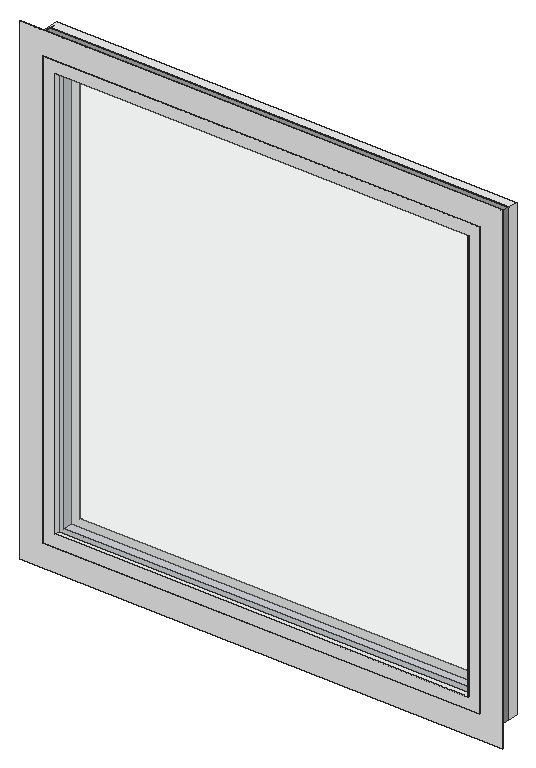
Revit family "Edge_TB42_B_Top_Hung_Custom", category Windows, host Wall, Revit 2014
Parameters (values of type "Casement_Sash_DG")
  Width Sash [instance] = 30 mm
  Width Sash Inner = 15 mm
  Width Bead = 15 mm
  Top Hung [instance] = yes
  Thermal Break Material = Rubber, Black
  Thermal Break Length = 16 mm
  Side Hung Right [instance] = yes
  Side Hung Left [instance] = yes
  Sash Opening Width [instance] = 600 mm
  Sash Opening Height [instance] = 600 mm
  Sash Lip = 15 mm
  Sash Leg [instance] = (Depth Sash - Thermal Break Length) / 2  # 13 mm
  SG Bead Leg = 6.683 mm
  Glazing Material [instance] = Glass
  Glazing Offset = 5 mm
  DG Start Piece 2 [instance] = DG End Piece 1 + DG Gasket Thickness  # 24.158 mm
  DG Start Peice 1 [instance] = ((Depth Sash - (2 * DG Glazing Thickness) - DG Gasket Thickness) / 2) - (SG Bead Leg - Aluminium Thickness) / 2  # 5.758 mm
  DG Glazing Thickness [instance] = 6.4 mm
  DG Gasket Thickness = 12 mm  # constant formula
  DG Gasket Material [instance] = none
  Depth Sash [instance] = 42 mm
  DG End Piece 2 [instance] = DG Start Piece 2 + DG Glazing Thickness  # 30.558 mm
  DG End Piece 1 [instance] = DG Start Peice 1 + DG Glazing Thickness  # 12.158 mm
  Center Vertical Sash [instance] = Sash Opening Height / 2  # 300 mm
  Center Horizontal Sash [instance] = Sash Opening Width / 2  # 300 mm
  Bottom Hung [instance] = yes
  Bead Offset = 15 mm
  Aluminium Thickness = 1 mm
  Aluminium Material [instance] = White Powder Coated Aluminium
Reference planes
  plane 1 "Center (Front/Back)": y = 0
  plane 2: z = 0
  plane 3 "Center (Left/Right)": x = 0
Forms (mm)
  Sweep 1, solid, material "White Powder Coated Aluminium" <- "Aluminium Material"
    path origin (16.177, 0, 121.331) x (1, 0, 0) y (0, 0, 1)
      loop
        line (0, 0) -> (600, 0) -> (600, 600) -> (0, 600) -> (0, 0)
    profile origin (316.177, 0, 121.331) x (0, 0, 1) y (0, -1, 0)
      loop
        line (0, 0) -> (30, 0) -> (30, 1) -> (15, 1) -> (15, 13) -> (14, 13) -> (14, 1) -> (1, 1) -> (1, 13) -> (0, 13) -> (0, 0)
      loop
        line (15, 42) -> (-15, 42) -> (-15, 41) -> (0, 41) -> (0, 29) -> (1, 29) -> (1, 41) -> (14, 41) -> (14, 29) -> (15, 29) -> (15, 42)
  Sweep 2, solid, material "White Powder Coated Aluminium" <- "Aluminium Material"
    path origin (0, 0, 0) x (1, 0, 0) y (0, 0, 1)
      loop
        line (31.177, 706.331) -> (31.177, 136.331) -> (601.177, 136.331) -> (601.177, 706.331) -> (31.177, 706.331)
    profile origin (316.177, 0, 706.331) x (0, 0, 1) y (0, -1, 0)
      loop
        line (0, 41) -> (0, 42) -> (-15, 42) -> (-15, 35.317) -> (-14, 35.317) -> (-14, 41) -> (0, 41)
  Extrusion 3, solid, material "Glass" <- "Glazing Material"
    sketch origin (0, 0, 0) x (1, 0, 0) y (0, 0, 1)
      loop
        line (36.177, 701.331) -> (36.177, 141.331) -> (596.177, 141.331) -> (596.177, 701.331) -> (36.177, 701.331)
    from 5.758 <- "DG Start Peice 1" to 12.158 <- "DG End Piece 1"
  Extrusion 4, solid, material "Glass" <- "Glazing Material"
    sketch origin (0, 0, 0) x (1, 0, 0) y (0, 0, 1)
      loop
        line (36.177, 701.331) -> (36.177, 141.331) -> (596.177, 141.331) -> (596.177, 701.331) -> (36.177, 701.331)
    from 30.558 <- "DG End Piece 2" to 24.158 <- "DG Start Piece 2"
  Sweep 5, solid, material <- "DG Gasket Material"
    path origin (0, -12.158, 0) x (1, 0, 0) y (0, 0, 1)
      loop
        line (36.177, 701.331) -> (36.177, 141.331) -> (596.177, 141.331) -> (596.177, 701.331) -> (36.177, 701.331)
    profile origin (316.177, -12.158, 701.331) x (0, 0, 1) y (0, -1, 0)
      loop
        line (0, 0) -> (0, 12) -> (-7.96, 12) -> (-7.96, 0) -> (0, 0)
  Sweep 6, solid, material "Rubber, Black" <- "Thermal Break Material"
    path origin (16.177, -13, 121.331) x (1, 0, 0) y (0, 0, 1)
      loop
        line (-15, 615) -> (-15, -15) -> (615, -15) -> (615, 615) -> (-15, 615)
    profile origin (316.177, -13, 736.331) x (0, 0, 1) y (0, -1, 0)
      loop
        line (-15, 16) -> (-16, 16) -> (-16, 0) -> (-15, 0) -> (-15, 16)
      loop
        line (-29, 16) -> (-30, 16) -> (-30, 0) -> (-29, 0) -> (-29, 16)
Lines and regions (mm)
  model lines
    curve 1: line (1.177, -42, 736.331) -> (31.177, -42, 706.331)
    curve 2: line (601.177, -42, 706.331) -> (631.177, -42, 736.331)
    curve 3: line (601.177, -42, 136.331) -> (631.177, -42, 106.331)
    curve 4: line (1.177, -42, 106.331) -> (31.177, -42, 136.331)
    curve 5: line (631.177, -41, 736.331) -> (616.177, -41, 721.331)
    curve 6: line (1.177, -41, 736.331) -> (16.177, -41, 721.331)
    curve 7: line (1.177, -41, 106.331) -> (16.177, -41, 121.331)
    curve 8: line (631.177, -41, 106.331) -> (616.177, -41, 121.331)
    curve 9: line (616.177, 0, 121.331) -> (586.177, 0, 151.331)
    curve 10: line (46.177, 0, 151.331) -> (16.177, 0, 121.331)
    curve 11: line (616.177, 0, 721.331) -> (586.177, 0, 691.331)
    curve 12: line (46.177, 0, 691.331) -> (16.177, 0, 721.331)
    curve 13: line (31.177, -42, 691.331) -> (46.177, -42, 691.331)
    curve 14: line (586.177, -42, 691.331) -> (601.177, -42, 691.331)
    curve 15: line (586.177, -42, 151.331) -> (601.177, -42, 151.331)
    curve 16: line (31.177, -42, 151.331) -> (46.177, -42, 151.331)
  model lines, style "GenericModelHiddenLines", visible <- "Top Hung"
    curve 17: line (46.386, -30.558, 690.602) -> (316.177, -30.558, 151.331)
    curve 18: line (316.177, -30.558, 151.331) -> (586.177, -30.558, 691.018)
  model lines, style "GenericModelHiddenLines", visible <- "Bottom Hung"
    curve 19: line (46.177, -30.558, 151.331) -> (316.177, -30.558, 691.018)
    curve 20: line (316.177, -30.558, 691.018) -> (586.177, -30.558, 151.331)
  model lines, style "GenericModelHiddenLines", visible <- "Side Hung Left"
    curve 21: line (46.386, -30.558, 690.602) -> (585.24, -30.558, 421.331)
    curve 22: line (585.24, -30.558, 421.331) -> (46.177, -30.558, 151.331)
  model lines, style "GenericModelHiddenLines", visible <- "Side Hung Right"
    curve 23: line (586.177, -30.558, 691.018) -> (46.177, -30.558, 421.331)
    curve 24: line (46.177, -30.558, 421.331) -> (586.177, -30.558, 151.331)
Dimensions and locks
  "Aluminium Thickness": Sweep 1 sketch curve to Sweep 1 sketch curve  (x6)
  "Depth Sash": Sweep 1 sketch curve to Sweep 1 sketch curve
  "Sash Opening Width": Sweep 1 to Sweep 1
  "Sash Opening Height": Sweep 1 to Sweep 1
  "Width Sash": Sweep 1 sketch curve to Sweep 1 sketch curve  (x2)
  "Width Sash Inner": Sweep 1 sketch curve to Sweep 1 sketch curve
  "Sash Lip": Sweep 1 sketch curve to Sweep 1 sketch curve
  "Glazing Offset": Sweep 2 to Extrusion 3 sketch curve  (x3)
  "Glazing Offset": Extrusion 3 sketch curve to Sweep 2
  Sweep 1 to Sweep 1 = 1 mm
  "Width Bead": Sweep 2 sketch curve to Sweep 2 sketch curve
  locked: Sweep 5 sketch curve to Sweep 5 sketch curve at 7.96
  "Center Horizontal Sash": Sweep 1 to curve 18
  "Center Horizontal Sash": Sweep 1 to curve 20
  "Center Vertical Sash": Sweep 1 to curve 22
  "Center Vertical Sash": Sweep 1 to curve 24
  "Sash Leg": Sweep 1 sketch curve to Sweep 1 sketch curve
  "Aluminium Thickness": Sweep 2 sketch curve to Sweep 2 sketch curve  (x2)
  "SG Bead Leg": Sweep 2 sketch curve to Sweep 2 sketch curve
  aligned and locked: level to plane 2
  aligned and locked: Sweep 1 sketch curve to Sweep 1 sketch curve  (x3)
  aligned and locked: Sweep 2 sketch curve to Sweep 1  (x4)
  aligned and locked: Sweep 1 to Sweep 2 sketch curve  (x2)
  aligned and locked: Extrusion 4 sketch curve to Extrusion 3  (x4)
  aligned and locked: Sweep 5 sketch curve to Extrusion 3  (x5)
  aligned and locked: Extrusion 3 to Sweep 5 sketch curve
  aligned and locked: Sweep 6 sketch curve to Sweep 1  (x10)
  aligned and locked: Sweep 1 to Sweep 6 sketch curve  (x2)
Automatic sketch dimensions
  plane 3 "Center (Left/Right)" to Sweep 1 sketch curve = 16.177 mm
  level to Sweep 1 sketch curve = 121.331 mm
  plane 3 "Center (Left/Right)" to Sweep 1 sketch curve = 616.177 mm
  level to Sweep 1 sketch curve = 721.331 mm
  profile plane to Sweep 5 sketch curve = 12 mm
  curve 7 to Sweep 1 = 0 mm  (x4)
  curve 6 to Sweep 1 = 0 mm  (x3)
  Sweep 1 to curve 6 = 0 mm
  curve 5 to Sweep 1 = 0 mm  (x3)
  curve 8 to Sweep 1 = 0 mm  (x4)
  Sweep 1 to curve 5 = 0 mm
  curve 16 to Sweep 2 = 0 mm  (x3)
  curve 13 to Sweep 2 = 0 mm  (x3)
  curve 15 to Sweep 2 = 0 mm
  Sweep 2 to curve 15 = 0 mm  (x2)
  curve 14 to Sweep 2 = 0 mm  (x2)
  Sweep 2 to curve 14 = 0 mm
  curve 1 to Sweep 1 = 0 mm  (x4)
  curve 4 to Sweep 1 = 0 mm  (x4)
  curve 2 to Sweep 1 = 0 mm  (x4)
  curve 3 to Sweep 1 = 0 mm  (x2)
  Sweep 1 to curve 3 = 0 mm  (x2)
  curve 10 to Sweep 1 = 0 mm  (x4)
  curve 12 to Sweep 1 = 0 mm  (x2)
  Sweep 1 to curve 12 = 0 mm  (x2)
  curve 11 to Sweep 1 = 0 mm  (x4)
  curve 9 to Sweep 1 = 0 mm  (x4)
  profile plane to Sweep 1 sketch curve = 0 mm  (x2)
  Sweep 1 sketch curve to plane 1 "Center (Front/Back)" = 0 mm
  Sweep 1 sketch curve to Sweep 1 sketch curve = 13 mm
  Sweep 1 sketch curve to Sweep 1 sketch curve = 12 mm  (x2)
  curve 21 to Extrusion 4 = 10.208 mm
  curve 19 to Extrusion 4 = 10 mm
  curve 23 to Extrusion 4 = 10 mm  (x2)
  curve 22 to Extrusion 4 = 10.937 mm
  curve 20 to Extrusion 4 = 10 mm
  curve 24 to Extrusion 4 = 10 mm
  curve 22 to Extrusion 4 = 10 mm
  curve 18 to Extrusion 4 = 10 mm
  curve 21 to Extrusion 4 = 10.729 mm
  curve 19 to Extrusion 4 = 10.312 mm
  curve 18 to Extrusion 4 = 10.312 mm
